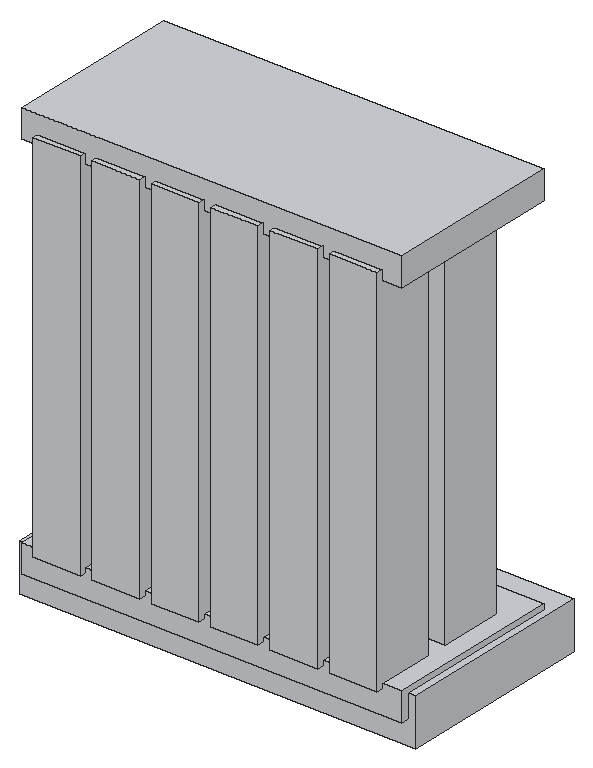
Revit family "GIS_BatteryRack", category Equipamento elétrico, Revit 2027
Family settings
  Configuração do painel = Duas colunas, circuitos transversais
  Cota do conector redondo = Utilizar diâmetro
  Tipo de parte = Painel de controle
  Com base no plano de trabalho = Não
  Sempre na vertical = Sim
  Corte com vazios quando carregada = Não
  Manter orientação da anotação = Não
  Compartilhado = Não
  Ponto de cálculo do ambiente = Não
Parameters (values of type "BATTERY_RACK_125VDC_STUDY")
  Default Elevation = 0 mm
  built-in parameter 1140142 [instance] = (empty or 0)
  built-in parameter 1140140 [instance] = 1 (stored number, unit not read)
  BIM_TensaoSecundaria_kV = 0
  BIM_TensaoNominal_kV = 0.125
  BIM_TensaoClasse_kV = 0.125
  BIM_TensaoClasseSecundaria_kV = 0
  BIM_Sistema_Elemento [instance] = ""
  BIM_ReferenciaCatalogo = "Portfolio study assumption: 125 V DC; battery mission and cell data pending"
  BIM_Profundidade = 800 mm
  BIM_Potencia_MVA = 0
  BIM_Localizacao [instance] = ""
  BIM_Largura = 1600 mm
  BIM_Impedancia_pu = 0
  BIM_FonteGeometria = "Portfolio study assumption: 125 V DC; battery mission and cell data pending"
  BIM_Fabricante = "NAO SELECIONADO"
  BIM_EstadoGeometria = "ESTIMATED"
  BIM_EstadoEspecificacao = "PREMISSA / NAO SELECIONADO"
  BIM_DescricaoEstudo = "Banco de baterias conceitual; 125 Vcc e premissa, Ah e autonomia nao selecionados."
  BIM_CorrenteReferenciaSecundaria_A = 0
  BIM_CorrenteNominal_A = 0
  BIM_Bay [instance] = ""
  BIM_AlturaCorpoPrincipal = 190 mm
  BIM_Altura = 1900 mm
  built-in parameter 1155100 [instance] = (empty or 0)
Reference planes
  plane 1 "Centro (Frente/Trás)": y = 0
  plane 2: z = 0
  plane 3 "Centro (Esquerda/Direita)": x = 0
  plane 4 "BIM Left": x = -800
  plane 5 "BIM Right": x = 800
  plane 6 "BIM Front": y = -400
  plane 7 "BIM Back": y = 400
Forms (mm)
  Extrusion 1, solid
    sketch origin (0, 0, 0) x (1, 0, 0) y (0, 1, 0)
      loop
        line (-800, -400) -> (800, -400) -> (800, 400) -> (-800, 400) -> (-800, -400)
    from 0 to 190 <- "BIM_AlturaCorpoPrincipal"
  Extrusion 2, solid
    sketch origin (0, 0, 190) x (1, 0, 0) y (0, 1, 0)
      loop
        line (-704, -454.864) -> (-512, -454.864) -> (-512, -198.864) -> (-704, -198.864) -> (-704, -454.864)
    from 0 to 1520
  Extrusion 3, solid
    sketch origin (0, 0, 190) x (1, 0, 0) y (0, 1, 0)
      loop
        line (-464, -454.864) -> (-272, -454.864) -> (-272, -198.864) -> (-464, -198.864) -> (-464, -454.864)
    from 0 to 1520
  Extrusion 4, solid
    sketch origin (0, 0, 190) x (1, 0, 0) y (0, 1, 0)
      loop
        line (-224, -454.864) -> (-32, -454.864) -> (-32, -198.864) -> (-224, -198.864) -> (-224, -454.864)
    from 0 to 1520
  Extrusion 5, solid
    sketch origin (0, 0, 190) x (1, 0, 0) y (0, 1, 0)
      loop
        line (16, -454.864) -> (208, -454.864) -> (208, -198.864) -> (16, -198.864) -> (16, -454.864)
    from 0 to 1520
  Extrusion 6, solid
    sketch origin (0, 0, 190) x (1, 0, 0) y (0, 1, 0)
      loop
        line (256, -454.864) -> (448, -454.864) -> (448, -198.864) -> (256, -198.864) -> (256, -454.864)
    from 0 to 1520
  Extrusion 7, solid
    sketch origin (0, 0, 190) x (1, 0, 0) y (0, 1, 0)
      loop
        line (496, -454.864) -> (688, -454.864) -> (688, -198.864) -> (496, -198.864) -> (496, -454.864)
    from 0 to 1520
  Extrusion 8, solid
    sketch origin (0, 0, 190) x (1, 0, 0) y (0, 1, 0)
      loop
        line (-704, -110.864) -> (-512, -110.864) -> (-512, 145.136) -> (-704, 145.136) -> (-704, -110.864)
    from 0 to 1520
  Extrusion 9, solid
    sketch origin (0, 0, 190) x (1, 0, 0) y (0, 1, 0)
      loop
        line (-464, -110.864) -> (-272, -110.864) -> (-272, 145.136) -> (-464, 145.136) -> (-464, -110.864)
    from 0 to 1520
  Extrusion 10, solid
    sketch origin (0, 0, 190) x (1, 0, 0) y (0, 1, 0)
      loop
        line (-224, -110.864) -> (-32, -110.864) -> (-32, 145.136) -> (-224, 145.136) -> (-224, -110.864)
    from 0 to 1520
  Extrusion 11, solid
    sketch origin (0, 0, 190) x (1, 0, 0) y (0, 1, 0)
      loop
        line (16, -110.864) -> (208, -110.864) -> (208, 145.136) -> (16, 145.136) -> (16, -110.864)
    from 0 to 1520
  Extrusion 12, solid
    sketch origin (0, 0, 190) x (1, 0, 0) y (0, 1, 0)
      loop
        line (256, -110.864) -> (448, -110.864) -> (448, 145.136) -> (256, 145.136) -> (256, -110.864)
    from 0 to 1520
  Extrusion 13, solid
    sketch origin (0, 0, 190) x (1, 0, 0) y (0, 1, 0)
      loop
        line (496, -110.864) -> (688, -110.864) -> (688, 145.136) -> (496, 145.136) -> (496, -110.864)
    from 0 to 1520
  Extrusion 14, solid
    sketch origin (0, 0, 95) x (1, 0, 0) y (0, 1, 0)
      loop
        line (-768, -430.48) -> (768, -430.48) -> (768, 289.52) -> (-768, 289.52) -> (-768, -430.48)
    from 0 to 114
  Extrusion 15, solid
    sketch origin (0, 0, 1672) x (1, 0, 0) y (0, 1, 0)
      loop
        line (-768, -430.48) -> (768, -430.48) -> (768, 289.52) -> (-768, 289.52) -> (-768, -430.48)
    from 0 to 114
Dimensions and locks
  "BIM_Largura": plane 4 "BIM Left" to plane 5 "BIM Right"
  "BIM_Profundidade": plane 6 "BIM Front" to plane 7 "BIM Back"
  aligned and locked: level to plane 2
  aligned and locked: plane 4 "BIM Left" to Extrusion 1
  aligned and locked: Extrusion 1 to plane 5 "BIM Right"
  aligned and locked: Extrusion 1 to plane 6 "BIM Front"
  aligned and locked: plane 7 "BIM Back" to Extrusion 1
Automatic sketch dimensions
  Extrusion 1 sketch curve to plane 4 "BIM Left" = 0 mm
  Extrusion 1 sketch curve to plane 5 "BIM Right" = 0 mm
  Extrusion 1 sketch curve to plane 6 "BIM Front" = 0 mm
  Extrusion 1 sketch curve to plane 7 "BIM Back" = 0 mm
  Extrusion 2 sketch curve to plane 4 "BIM Left" = 96 mm
  Extrusion 2 sketch curve to Extrusion 2 sketch curve = 192 mm
  Extrusion 2 sketch curve to plane 6 "BIM Front" = 54.864 mm
  plane 1 "Centro (Frente/Trás)" to Extrusion 2 sketch curve = 198.864 mm
  Extrusion 3 sketch curve to plane 6 "BIM Front" = 54.864 mm
  Extrusion 3 sketch curve to plane 4 "BIM Left" = 336 mm
  Extrusion 3 sketch curve to Extrusion 3 sketch curve = 192 mm
  plane 1 "Centro (Frente/Trás)" to Extrusion 3 sketch curve = 198.864 mm
  Extrusion 4 sketch curve to plane 6 "BIM Front" = 54.864 mm
  Extrusion 4 sketch curve to plane 3 "Centro (Esquerda/Direita)" = 224 mm
  Extrusion 4 sketch curve to plane 3 "Centro (Esquerda/Direita)" = 32 mm
  plane 1 "Centro (Frente/Trás)" to Extrusion 4 sketch curve = 198.864 mm
  plane 3 "Centro (Esquerda/Direita)" to Extrusion 5 sketch curve = 16 mm
  Extrusion 5 sketch curve to Extrusion 5 sketch curve = 192 mm
  Extrusion 5 sketch curve to plane 6 "BIM Front" = 54.864 mm
  plane 1 "Centro (Frente/Trás)" to Extrusion 5 sketch curve = 198.864 mm
  Extrusion 6 sketch curve to plane 6 "BIM Front" = 54.864 mm
  plane 3 "Centro (Esquerda/Direita)" to Extrusion 6 sketch curve = 256 mm
  Extrusion 6 sketch curve to Extrusion 6 sketch curve = 192 mm
  plane 1 "Centro (Frente/Trás)" to Extrusion 6 sketch curve = 198.864 mm
  Extrusion 7 sketch curve to plane 6 "BIM Front" = 54.864 mm
  plane 5 "BIM Right" to Extrusion 7 sketch curve = 304 mm
  plane 5 "BIM Right" to Extrusion 7 sketch curve = 112 mm
  plane 1 "Centro (Frente/Trás)" to Extrusion 7 sketch curve = 198.864 mm
  Extrusion 8 sketch curve to plane 4 "BIM Left" = 96 mm
  Extrusion 8 sketch curve to Extrusion 8 sketch curve = 192 mm
  plane 1 "Centro (Frente/Trás)" to Extrusion 8 sketch curve = 110.864 mm
  Extrusion 8 sketch curve to plane 1 "Centro (Frente/Trás)" = 145.136 mm
  plane 1 "Centro (Frente/Trás)" to Extrusion 9 sketch curve = 110.864 mm
  Extrusion 9 sketch curve to plane 4 "BIM Left" = 336 mm
  Extrusion 9 sketch curve to Extrusion 9 sketch curve = 192 mm
  Extrusion 9 sketch curve to plane 1 "Centro (Frente/Trás)" = 145.136 mm
  plane 1 "Centro (Frente/Trás)" to Extrusion 10 sketch curve = 110.864 mm
  Extrusion 10 sketch curve to plane 3 "Centro (Esquerda/Direita)" = 224 mm
  Extrusion 10 sketch curve to plane 3 "Centro (Esquerda/Direita)" = 32 mm
  Extrusion 10 sketch curve to plane 1 "Centro (Frente/Trás)" = 145.136 mm
  plane 3 "Centro (Esquerda/Direita)" to Extrusion 11 sketch curve = 16 mm
  Extrusion 11 sketch curve to Extrusion 11 sketch curve = 192 mm
  plane 1 "Centro (Frente/Trás)" to Extrusion 11 sketch curve = 110.864 mm
  Extrusion 11 sketch curve to plane 1 "Centro (Frente/Trás)" = 145.136 mm
  plane 1 "Centro (Frente/Trás)" to Extrusion 12 sketch curve = 110.864 mm
  plane 3 "Centro (Esquerda/Direita)" to Extrusion 12 sketch curve = 256 mm
  Extrusion 12 sketch curve to Extrusion 12 sketch curve = 192 mm
  Extrusion 12 sketch curve to plane 1 "Centro (Frente/Trás)" = 145.136 mm
  plane 1 "Centro (Frente/Trás)" to Extrusion 13 sketch curve = 110.864 mm
  plane 5 "BIM Right" to Extrusion 13 sketch curve = 304 mm
  plane 5 "BIM Right" to Extrusion 13 sketch curve = 112 mm
  Extrusion 13 sketch curve to plane 1 "Centro (Frente/Trás)" = 145.136 mm
  Extrusion 14 sketch curve to plane 4 "BIM Left" = 32 mm
  plane 5 "BIM Right" to Extrusion 14 sketch curve = 32 mm
  Extrusion 14 sketch curve to plane 6 "BIM Front" = 30.48 mm
  Extrusion 14 sketch curve to plane 7 "BIM Back" = 110.48 mm
  Extrusion 15 sketch curve to plane 4 "BIM Left" = 32 mm
  plane 5 "BIM Right" to Extrusion 15 sketch curve = 32 mm
  Extrusion 15 sketch curve to plane 6 "BIM Front" = 30.48 mm
  Extrusion 15 sketch curve to plane 7 "BIM Back" = 110.48 mm
Connectors
  electrical at (-800, 0, 95)
    settings: on Extrusion 1, index 1, voltage 125 V, apparent load 0 VA, apparent load phase1 0 VA, apparent load phase2 0 VA, apparent load phase3 0 VA, power factor 1, load classification "Outro", number of poles 2, system type 6, power factor state 1, is connector primary yes, connector utility no, sub classification motor no, connector description "Interface A; study port; circuit assignment is project-specific."
  electrical at (800, 0, 95)
    settings: on Extrusion 1, index 2, voltage 125 V, apparent load 0 VA, apparent load phase1 0 VA, apparent load phase2 0 VA, apparent load phase3 0 VA, power factor 1, load classification "Outro", number of poles 2, system type 6, power factor state 1, is connector primary no, connector utility no, sub classification motor no, connector description "Interface B; study port; circuit assignment is project-specific."
